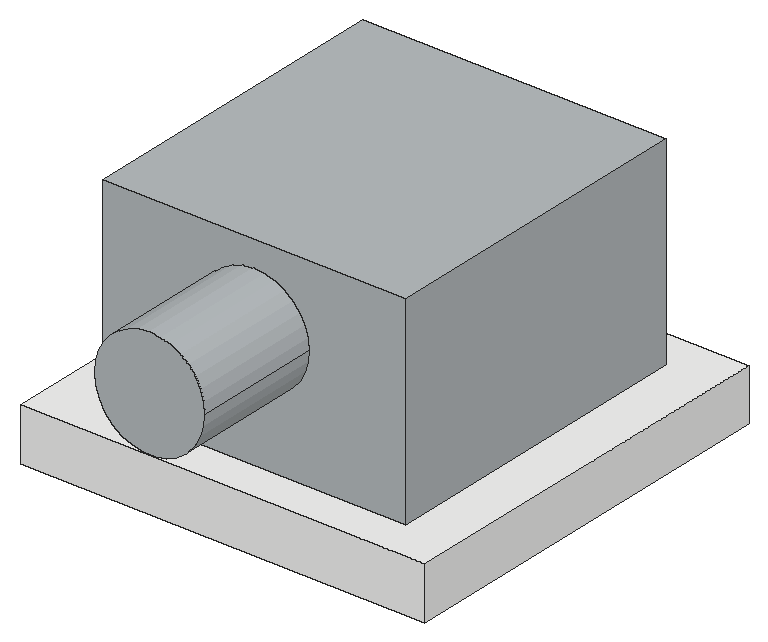
Revit family "v-251bz5_60Hz", category 機械設備, Revit 2019
Family settings
  丸型コネクタ寸法 = 直径を使用
  パーツ タイプ = 標準
  OmniClass 番号 = 23.75.35.17.27
  OmniClass タイトル = Centrifugal Fans
  作業面ベース = いいえ
  常に垂直 = はい
  ロード時にボイドで切り取り = いいえ
  共有 = いいえ
  部屋計算ポイント = はい
Parameters (values of type "V-251BZ5")
  騒音レベル(dB(A)) [instance] = 46
  風量 [instance] = 185.0 m³/h
  電源種別 [instance] = ""
  電圧 = 200 V
  電動機出力 = 0 W
  電動機_種別 [instance] = ""
  運転質量 = 0.00 kg
  連動 [instance] = ""
  質量 = if(製品質量 > 運転質量, 製品質量, 運転質量) * 1.2  # 8.88 kg
  負荷分類 = 3_ファン類
  説明 = "バス乾燥・暖房・換気システム コンパクトタイプ"
  設計風量 [instance] = 0.0 m³/h
  設置方法 = "カセット形"
  記号 [instance] = ""
  製造元 = "三菱電機株式会社"
  製品質量 = 7.40 kg
  製品出荷対象 = "国内"
  製品リリース年月 = "2022年6月1日"
  製品グループ = ""
  系統 [instance] = ""
  符号 [instance] = if(☑給気／□排気, "FS", "FE")  # "FE"
  積算_科目 = "2 換気設備"
  積算_拾い区分 [instance] = ""
  相 = 1
  盤記号 [instance] = ""
  発停方法 [instance] = ""
  特殊仕様 [instance] = ""
  点検口離隔 = 150 mm
  点検口_Depth = 450 mm
  点検口 = yes
  火災停止 [instance] = ""
  消費電力 = 1950 W
  法定耐用年数 = "10"
  機外静圧 [instance] = 0.0 Pa
  極数 = 3
  材質 [instance] = ""
  操作・制御方式 = ""
  操作・制御スイッチ = ""
  排気量 [instance] = if(☑給気／□排気, 0.0 m³/h, 設計風量)  # 0.0 m³/h
  形式 = ""
  幹線記号 [instance] = ""
  対象室 [instance] = ""
  実風量 [instance] = 0.0 m³/h
  始動方式 [instance] = "直入"
  本体固定用穴ピッチ2 = 324 mm
  本体固定用穴ピッチ1 = 210 mm
  外気量 [instance] = if(☑給気／□排気, 設計風量, 0.0 m³/h)  # 0.0 m³/h
  呼称 = "天井扇"
  周波数 = 60 Hz
  参照している仕様書等のバージョン = ""
  分類コード = "50052503100080"
  分類グループ = ""
  価格 = 163700
  企業コード = "108420"
  付属品_防振装置 = ""
  付属品 [instance] = ""
  仕様書バージョン = "Version1.0"
  モデル = "V-251BZ5"
  マテリアル = 亜鉛メッキ鋼板
  ファンの種類 = ""
  ダクト径 = 100 mm
  コメント [instance] = ""
  Keynote = ""
  カバーマテリアル = 合成樹脂(白)
  ☑給気／□排気 [instance] = no
  Width = 270 mm
  W1 = 360 mm
  Version = ""
  Uniclass2015Version = "Systems v1.9"
  Uniclass2015Title = "Centrifugal fans"
  Uniclass2015Code = "Pr_65_67_29_12"
  URL = "https://www.mitsubishielectric.co.jp/ldg/wink/ssl/displayProduct.do?pid=320493"
  SpecificationReference = ""
  SpecificationDescription = ""
  Revision = ""
  ProductInformation = ""
  OmniClassCode = "23-33 31 19 11 15"
  MIN風量 = 95.0 m³/h
  MIN静圧 = 0.0 Pa
  MID風量 = 185.0 m³/h
  MID静圧 = 0.0 Pa
  MAX風量 = 185.0 m³/h
  MAX静圧 = 0.0 Pa
  IfcTypeProduct = ""
  IfcProduct = ""
  IfcExportType = "PROPELLORAXIAL"
  IfcExportAs = "IfcFanType"
  Height = 180 mm
  H2 = 108 mm
  H1 = 47 mm
  EAサイズ_D = 98 mm
  Depth = 290 mm
  D2 = 116 mm
  D1 = 360 mm
  Author = "三菱電機株式会社"
Reference planes
  plane 1 "中心(正面/背面)": y = 0
  plane 2: z = 0
  plane 3 "中心(左/右)": x = 0
  plane 4: x = -180
  plane 5: x = 180
  plane 6: y = 180
  plane 7: y = -180
  plane 8: x = -135
  plane 9: x = 135
  plane 10: y = 145
  plane 11: y = -145
  plane 12: y = -261
  plane 13: z = 180
  plane 14: z = -47
  plane 15: z = 108
  plane 16: x = -105
  plane 17: x = 105
  plane 18: y = 162
  plane 19: y = -162
  plane 20: x = -162
  plane 21: x = 162
  plane 22: y = 105
  plane 23: y = -105
  plane 24: x = -285
  plane 25: x = -735
  plane 26: y = 225
  plane 27: y = -225
Forms (mm)
  Extrusion 1, solid, material "亜鉛メッキ鋼板" <- "マテリアル", detail levels fine
    sketch origin (0, 0, 0) x (1, 0, 0) y (0, 1, 0)
      loop
        line (-135, 145) -> (-135, -145) -> (135, -145) -> (135, 145) -> (-135, 145)
    from 0 to 180
  Extrusion 2, solid, material "合成樹脂(白)" <- "カバーマテリアル", detail levels fine
    sketch origin (0, 0, 0) x (1, 0, 0) y (0, 1, 0)
      loop
        line (-180, 180) -> (-180, -180) -> (180, -180) -> (180, 180) -> (-180, 180)
    from 0 to -47
  Extrusion 3, solid, material "亜鉛メッキ鋼板" <- "マテリアル", detail levels fine
    sketch origin (0, 0, 0) x (1, 0, 0) y (0, 0, 1)
      loop
        circle (0, 108) r 49
    from 145 to 261
Dimensions and locks
  equal spacing: plane 4, plane 3 "中心(左/右)", plane 5
  "W1": plane 4 to plane 5
  equal spacing: plane 6, plane 1 "中心(正面/背面)", plane 7
  "D1": plane 6 to plane 7
  equal spacing: plane 8, plane 3 "中心(左/右)", plane 9
  "Width": plane 8 to plane 9
  equal spacing: plane 10, plane 1 "中心(正面/背面)", plane 11
  "Depth": plane 10 to plane 11
  "D2": plane 11 to plane 12
  "Height": plane 13 to plane 2
  "H2": plane 15 to plane 2
  equal spacing: plane 16, plane 3 "中心(左/右)", plane 17
  "本体固定用穴ピッチ1": plane 16 to plane 17
  equal spacing: plane 18, plane 1 "中心(正面/背面)", plane 19
  "本体固定用穴ピッチ2": plane 18 to plane 19
  "H1": plane 2 to plane 14
  equal spacing: plane 22, plane 1 "中心(正面/背面)", plane 23
  equal spacing: plane 20, plane 3 "中心(左/右)", plane 21
  "本体固定用穴ピッチ2": plane 20 to plane 21
  equal spacing: plane 26, plane 1 "中心(正面/背面)", plane 27
  "点検口_Depth": plane 26 to plane 27
  "点検口_Depth": plane 25 to plane 24
  "点検口離隔": plane 24 to plane 8
  "本体固定用穴ピッチ1": plane 22 to plane 23
  "EAサイズ_D": diameter of Extrusion 3 sketch curve
  aligned and locked: level to plane 2
  aligned and locked: plane 5 to Extrusion 2
  aligned and locked: plane 6 to Extrusion 2
  aligned and locked: Extrusion 2 to plane 4
  aligned and locked: Extrusion 2 to plane 7
  aligned and locked: plane 9 to Extrusion 1
  aligned and locked: Extrusion 1 to plane 11
  aligned and locked: Extrusion 1 to plane 8
  aligned and locked: plane 10 to Extrusion 1
  aligned and locked: plane 13 to Extrusion 1
  aligned and locked: Extrusion 2 to plane 14
  aligned and locked: level to Extrusion 2
  aligned and locked: Extrusion 1 to level
  aligned and locked: Extrusion 3 to plane 12
  aligned and locked: plane 11 to Extrusion 3
  aligned and locked: nested 2 to plane 16
  aligned and locked: nested 2 to plane 17
  aligned and locked: nested 2 to plane 19
  aligned and locked: plane 18 to nested 2
  aligned and locked: nested 3 to plane 22
  aligned and locked: nested 3 to plane 23
  aligned and locked: plane 20 to nested 3
  aligned and locked: plane 21 to nested 3
  aligned and locked: plane 24 to nested 4
  aligned and locked: plane 25 to nested 4
  aligned and locked: plane 26 to nested 4
  aligned and locked: plane 27 to nested 4
Automatic sketch dimensions
  Extrusion 1 sketch curve to plane 3 "中心(左/右)" = 135 mm
  plane 3 "中心(左/右)" to Extrusion 1 sketch curve = 135 mm
  Extrusion 2 sketch curve to plane 3 "中心(左/右)" = 180 mm
  plane 3 "中心(左/右)" to Extrusion 2 sketch curve = 180 mm
  plane 1 "中心(正面/背面)" to Extrusion 1 sketch curve = 145 mm
  Extrusion 1 sketch curve to plane 1 "中心(正面/背面)" = 145 mm
  plane 1 "中心(正面/背面)" to Extrusion 2 sketch curve = 180 mm
  Extrusion 2 sketch curve to plane 1 "中心(正面/背面)" = 180 mm
  Extrusion 3 sketch curve to plane 3 "中心(左/右)" = 0 mm
  Extrusion 3 sketch curve to plane 15 = 0 mm
Nested families
  nested 1: "記号_天井換気扇_平面" at (0, 0, 0), type "記号_天井換気扇_平面", detail levels coarse+medium
  nested 2: "固定点" at (-105, -162, 0), type "固定点"
    with W 210 mm, D 324 mm
  nested 3: "固定点" at (-162, -105, 0), type "固定点"
    with W 324 mm, D 210 mm
  nested 4: "点検口設置範囲" at (-510, 0, 0), visible <- "点検口", type "点検口設置範囲"
    with Width 450 mm, Depth 450 mm
Connectors
  hvac at (0, -261, 108), driven by "ダクト径", driven by "風量", driven by "機外静圧"
    settings: on Extrusion 3, index 1, duct flow 185.0 m³/h, flow factor 0, pres drop 0.0 Pa, loss coef 0, conn angle 0.00°, conn width 304.8 mm, conn height 304.8 mm, conn diameter 100 mm, duct sys type 3, conn prof type 0, flow config 0, flow direction 2, loss method 4, conn ref index -1, conn util no, is conn primary yes, conn desc ""
  electrical at (0, 0, 180), driven by "極数", driven by "負荷分類", driven by "電圧", driven by "消費電力"
    settings: on Extrusion 1, index 3, voltage 200 V, apparent load 1950 VA, apparent load phase1 0 VA, apparent load phase2 0 VA, apparent load phase3 0 VA, power factor 1, load classification "3_ファン類", number of poles 3, system type 30, power factor state 1, is connector primary yes, connector utility no, sub classification motor no, connector description ""
Definition of nested family "記号_天井換気扇_平面"
  Reference planes
    plane 1: y = 0
    plane 2: x = 0
  Lines and regions (mm)
    detail lines
      curve 1: line (-2.5, 2.5, 0) -> (2.5, 2.5, 0)
      curve 2: line (-2.5, -2.5, 0) -> (-2.5, 2.5, 0)
      curve 3: line (2.5, -2.5, 0) -> (-2.5, -2.5, 0)
      curve 4: line (2.5, 2.5, 0) -> (2.5, -2.5, 0)
      curve 5: circle (-1.04, -1.04, 0) r 1.46 normal (0, 0, 1)
      curve 6: circle (1.04, 1.04, 0) r 1.46 normal (0, 0, 1)
      curve 7: line (-3.125, 3.125, 0) -> (3.125, 3.125, 0)
      curve 8: line (-3.125, -3.125, 0) -> (-3.125, 3.125, 0)
      curve 9: line (3.125, -3.125, 0) -> (-3.125, -3.125, 0)
      curve 10: line (3.125, 3.125, 0) -> (3.125, -3.125, 0)
      curve 11: circle (1.295, 1.295, 0) r 1.83 normal (0, 0, 1)
      curve 12: circle (-1.295, -1.295, 0) r 1.83 normal (0, 0, 1)
      curve 13: line (-2, 2, 0) -> (2, 2, 0)
      curve 14: line (-2, -2, 0) -> (-2, 2, 0)
      curve 15: line (2, -2, 0) -> (-2, -2, 0)
      curve 16: line (2, 2, 0) -> (2, -2, 0)
      curve 17: circle (0.84, 0.84, 0) r 1.16 normal (0, 0, 1)
      curve 18: circle (-0.84, -0.84, 0) r 1.2 normal (0, 0, 1)
Definition of nested family "固定点"
  Parameters (values of type "固定点")
    中心円 = 20 mm
    W [instance] = 1000 mm
    D [instance] = 1000 mm
  Reference planes
    plane 1 "中心(正面/背面)": y = 0
    plane 2: z = 0
    plane 3 "中心(左/右)": x = 0
    plane 4: x = 1000
    plane 5: y = 1000
  Lines and regions (mm)
    symbolic lines, detail levels fine
      curve 1: circle (0, 1000, 0) r 10 normal (0, 0, 1)
      curve 2: circle (0, 0, 0) r 10 normal (0, 0, 1)
      curve 3: circle (1000, 1000, 0) r 10 normal (0, 0, 1)
      curve 4: circle (1000, 0, 0) r 10 normal (0, 0, 1)
      curve 5: line (-200, 1000, 0) -> (1200, 1000, 0)
      curve 6: line (-200, 0, 0) -> (1200, 0, 0)
      curve 7: line (0, 1200, 0) -> (0, -200, 0)
      curve 8: line (1000, 1200, 0) -> (1000, -200, 0)
  Dimensions and locks
    "W": plane 3 "中心(左/右)" to plane 4
    "D": plane 1 "中心(正面/背面)" to plane 5
    "中心円": diameter of curve 1
    "中心円": diameter of curve 2
    "中心円": diameter of curve 3
    "中心円": diameter of curve 4
    aligned and locked: level to plane 2
    aligned and locked: plane 5 to curve 1
    aligned and locked: plane 3 "中心(左/右)" to curve 1
    aligned and locked: plane 3 "中心(左/右)" to curve 2
    aligned and locked: plane 1 "中心(正面/背面)" to curve 2
    aligned and locked: plane 4 to curve 3
    aligned and locked: plane 5 to curve 3
    aligned and locked: plane 1 "中心(正面/背面)" to curve 4
    aligned and locked: plane 4 to curve 4
    aligned and locked: plane 1 "中心(正面/背面)" to curve 6
    aligned and locked: curve 7 to plane 3 "中心(左/右)"
    aligned and locked: curve 8 to plane 4
  Automatic sketch dimensions
    curve 5 to plane 5 = 0 mm
    curve 6 to plane 3 "中心(左/右)" = 200 mm
    curve 5 to plane 3 "中心(左/右)" = 200 mm
    curve 4 to curve 6 = 200 mm
    curve 3 to curve 5 = 200 mm
    plane 1 "中心(正面/背面)" to curve 8 = 200 mm
    plane 1 "中心(正面/背面)" to curve 7 = 200 mm
    curve 3 to curve 8 = 200 mm
    curve 1 to curve 7 = 200 mm
Definition of nested family "点検口設置範囲"
  Parameters (values of type "点検口設置範囲")
    Width [instance] = 1000 mm
    Depth [instance] = 700 mm
  Reference planes
    plane 1 "中心(正面/背面)": y = 0
    plane 2: z = 0
    plane 3 "中心(左/右)": x = 0
    plane 4: x = -500
    plane 5: x = 500
    plane 6: y = -350
    plane 7: y = 350
  Lines and regions (mm)
    model lines
      curve 1: line (-500, 350, 0) -> (500, 350, 0)
      curve 2: line (-500, -350, 0) -> (-500, 350, 0)
      curve 3: line (500, -350, 0) -> (-500, -350, 0)
      curve 4: line (500, 350, 0) -> (500, -350, 0)
  Dimensions and locks
    "Depth": plane 7 to plane 6
    "Width": plane 4 to plane 5
    equal spacing: plane 7, plane 1 "中心(正面/背面)", plane 6
    equal spacing: plane 4, plane 3 "中心(左/右)", plane 5
    aligned and locked: level to plane 2
    aligned and locked: plane 4 to curve 2
    aligned and locked: curve 1 to plane 7
    aligned and locked: curve 4 to plane 5
    aligned and locked: plane 6 to curve 3
